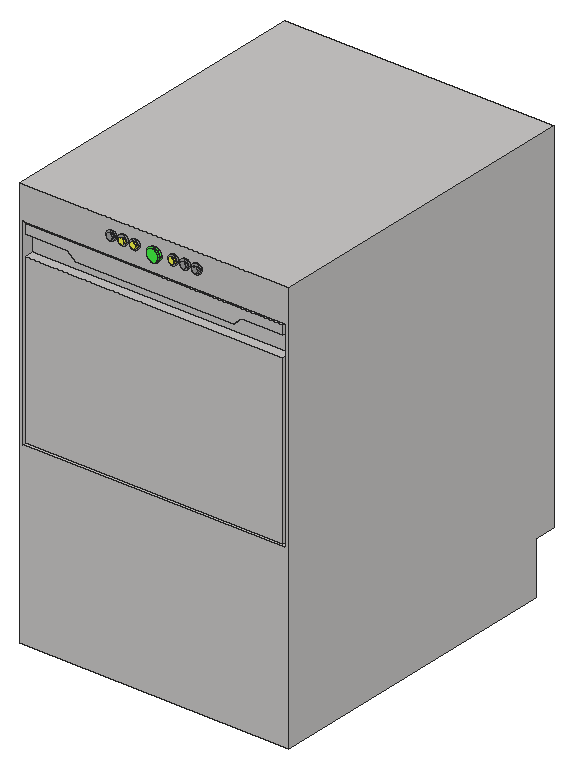
Revit family "QF_ELECTROLUXPROFESSIONAL_402222_ESICP3", category Specialty Equipment, Revit 2018
Family settings
  Round Connector Dimension = Use Diameter
  Part Type = Normal
  Work Plane-Based = No
  Always vertical = Yes
  Cut with Voids When Loaded = No
  Shared = No
  Room Calculation Point = No
Parameters
  Weight = 37.00 kg
  Watts = 0 W
  Volts = 0 V
  URL Manufacturer = ""
  URL = "http://professional.electrolux.com/"
  Steam Supply Size = 0 mm
  Steam Supply Minimum Pressure = 0.0 Pa
  Steam Supply Maximum Pressure = 0.0 Pa
  Steam Pounds per Hour = 0
  Show Logo [instance] = yes
  Show Clearance [instance] = yes
  Refrigeration Suction Line Size = 0 mm
  Refrigeration Liquid Line Size = 0 mm
  Refrigerant Compressor Remote = yes
  Manufacturer = ""
  Phase = 0
  Model = ""
  Length Actual = 460 mm  # constant formula
  Item Number = ""
  Hot Water Size = 0 mm
  Height Actual = 715 mm  # constant formula
  HP = "6.4 HP"
  Gas Size = 0 mm
  Gas KW = 0
  Gas Input Pressure = 0 W
  Direct Waste Size = 27 mm
  Description = ""
  Depth Actual = 565 mm  # constant formula
  Cycle = 0 Hz
  Condensate Return Size = 0 mm
  Compressed Air Volume = 0.0 L/s
  Compressed Air Size = 0 mm
  Compressed Air Pressure = 0.0 Pa
  Cold Water Size = 0 mm
  Accessory = yes
Types (2, lengths in mm): name | Volts | URL Manufacturer | URL | Manufacturer | Phase | Model | Item Number | Description | Cycle | Cold Water Size
  (no name) | 0 V | "" | "http://professional.electrolux.com/" | "" | 0 | "" | "" | "" | 0 Hz | 0
  Standard | 400 V | "http://professional.electrolux.com" | "http://professional.electrolux.com" | "Electrolux Professional" | 3 | "ESICP3" | "402222" | "GLASSWASHER(S) DOUBLE SKIN, COLD RINSE, DP, 30B/H,NO PLUG-400V/3N" | 50 Hz | 19.05
Reference planes
  plane 1 "Center (Front/Back)": y = 0
  plane 2: z = 0
  plane 3 "Center (Left/Right)": x = 0
  plane 4 "LEFT": x = -230
  plane 5 "RIGHT": x = 230
  plane 6 "FRONT": y = -282.5
  plane 7 "BACK": y = 282.5
  plane 8: x = -202.5
  plane 9: x = 202.5
  plane 10: z = 715
  plane 11: z = 10
Forms (mm)
  Extrusion 1, solid, material "QF_Finishes_Stainless Steel"
    sketch origin (0, 0, 0) x (1, 0, 0) y (0, 1, 0)
      loop
        line (-230, -282.5) -> (230, -282.5) -> (230, 243.5) -> (-230, 243.5) -> (-230, -282.5)
    from 10 to 715
  Extrusion 2, solid, material "QF_Finishes_Stainless Steel"
    sketch origin (0, 0, 0) x (1, 0, 0) y (0, 1, 0)
      loop
        line (-230, 243.5) -> (230, 243.5) -> (230, 282.5) -> (-230, 282.5) -> (-230, 243.5)
    from 100 to 715
  Extrusion 3, solid, material "QF_Finishes_Stainless Steel"
    sketch origin (0, 0, 0) x (1, 0, 0) y (0, 1, 0)
      loop
        circle (-202.5, 184.5) r 12.5
      loop
        circle (202.5, 184.5) r 12.5
      loop
        circle (-202.5, -235.5) r 12.5
      loop
        circle (202.5, -235.5) r 12.5
    from 0 to 10
  Extrusion 4, void
    sketch origin (-230, -282.5, 0) x (-1, 0, 0) y (0, 0, 1)
      loop
        line (-5, 658.217) -> (-455, 658.217) -> (-455, 315) -> (-5, 315) -> (-5, 658.217)
    from 0 to 30
  Extrusion 5, solid, material "QF_Finishes_Stainless Steel"
    sketch origin (-53, -392, 738) x (0, 0, -1) y (1, 0, 0)
      loop
        circle (693, 213) r 10
    from -635.5 to -674.5
  Extrusion 6, solid, material "QF_Door-Drawer Clearances", visible <- "Show Clearance", detail levels coarse
    sketch origin (-230, -282.5, 0) x (0, 1, 0) y (0, 0, -1)
      loop
        line (0, -315) -> (-315, -315)
        arc (-315, -315) -> (-223.2, -545.869) -> (0, -655) r 344.605
        line (0, -655) -> (0, -315)
    from -10 to -450
  Extrusion 7, solid, material "QF_Finishes_Stainless Steel"
    sketch origin (-242.481, -392, 738) x (0, 0, -1) y (1, 0, 0)
      loop
        circle (663, 322.481) r 8
    from -635.5 to -674.5
  Extrusion 8, solid, material "QF_Finishes_Green"
    sketch origin (234, -282.5, -28.75) x (-1, 0, 0) y (0, 0, -1)
      loop
        circle (234, -714.569) r 10
    from 0 to 5
  Extrusion 9, solid, material "QF_Finishes_Gray"
    sketch origin (234, -282.5, -24.375) x (-1, 0, 0) y (0, 0, -1)
      loop
        circle (306.936, -713.972) r 5
    from 0 to 5
  Extrusion 10, solid, material "QF_Finishes_Stainless Steel"
    sketch origin (-230, -282.5, 0) x (0, 1, 0) y (0, 0, -1)
      loop
        line (0, -319.622) -> (0, -605) -> (15, -605) -> (15, -655) -> (25, -655) -> (25, -319.622) -> (0, -319.622)
    from -10 to -450
  Extrusion 11, solid, material "QF_Finishes_Stainless Steel"
    sketch origin (-230, -282.5, 0) x (0, 1, 0) y (0, 0, -1)
      loop
        line (15, -655) -> (15, -652.514) -> (2.5, -652.514) -> (2.5, -626.25) -> (0, -626.25) -> (0, -655) -> (15, -655)
    from -10 to -450
  Extrusion 12, void
    sketch origin (-230, -282.5, 655) x (0, 0, 1) y (1, 0, 0)
      loop
        line (-15.552, 10) -> (-15.552, 81.607) -> (-28.75, 94.804) -> (-28.75, 10) -> (-15.552, 10)
      loop
        line (-15.552, 450) -> (-28.75, 450) -> (-28.75, 365.196) -> (-15.552, 378.393) -> (-15.552, 450)
    from 0 to 2.5
  Extrusion 13, solid, material "QF_Finishes_Stainless Steel"
    sketch origin (-328, -392, 738) x (0, 0, -1) y (1, 0, 0)
      loop
        circle (663, 228) r 8
    from -635.5 to -674.5
  Extrusion 14, solid, material "QF_Finishes_Green"
    sketch origin (-230, -282.5, 0) x (1, 0, 0) y (0, 0, 1)
      loop
        circle (230, 685.819) r 12
      loop
        circle (230, 685.819) r 10
    from 0 to 2.5
  Extrusion 15, solid, material "QF_Finishes_Gray"
    sketch origin (-210, -282.5, -28.75) x (1, 0, 0) y (0, 0, 1)
      loop
        circle (262.936, 718.347) r 8
      loop
        circle (262.936, 718.347) r 5
      loop
        circle (242.936, 718.347) r 8
      loop
        circle (242.936, 718.347) r 5
      loop
        circle (282.936, 718.347) r 8
      loop
        circle (282.936, 718.347) r 5
    from 0 to 2.5
  Extrusion 16, solid, material "QF_Finishes_Gray"
    sketch origin (-234, -282.5, -24.375) x (1, 0, 0) y (0, 0, 1)
      loop
        circle (286.936, 713.972) r 5
      loop
        circle (306.936, 713.972) r 5
    from 0 to 5
  Extrusion 17, solid, material "QF_Finishes_Gray"
    sketch origin (210, -282.5, -28.75) x (-1, 0, 0) y (0, 0, -1)
      loop
        circle (262.936, -718.347) r 8
      loop
        circle (262.936, -718.347) r 5
      loop
        circle (242.936, -718.347) r 8
      loop
        circle (242.936, -718.347) r 5
      loop
        circle (282.936, -718.347) r 8
      loop
        circle (282.936, -718.347) r 5
    from 0 to 2.5
  Extrusion 18, solid, material "QF_Finishes_Yellow"
    sketch origin (254, -282.5, -24.375) x (-1, 0, 0) y (0, 0, -1)
      loop
        circle (306.936, -713.972) r 5
    from 0 to 5
  Extrusion 19, solid, material "QF_Finishes_Yellow"
    sketch origin (274, -282.5, -24.375) x (-1, 0, 0) y (0, 0, -1)
      loop
        circle (306.936, -713.972) r 5
    from 0 to 5
  Extrusion 20, solid, material "QF_Finishes_Yellow"
    sketch origin (339.871, -282.5, -24.375) x (-1, 0, 0) y (0, 0, -1)
      loop
        circle (306.936, -713.972) r 5
    from 0 to 5
Cuts and joins
  Extrusion 4 cuts Extrusion 1
  joined: Extrusion 1, Extrusion 2
  Extrusion 12 cuts Extrusion 10
  Extrusion 12 cuts Extrusion 11
Lines and regions (mm)
  Split face 1
    outline origin (-230, -282.5, 715) x (0, 0, -1) y (1, 0, 0)
      loop
        line (35, 0) -> (35, 60) -> (49.142, 74.142) -> (49.142, 214.142) -> (11.456, 214.142)
        arc (11.456, 214.142) -> (9.82, 214.82) -> (9.142, 216.456) r 2.314
        line (9.142, 216.456) -> (9.142, 230) -> (9.142, 243.544)
        arc (9.142, 243.544) -> (9.82, 245.18) -> (11.456, 245.858) r 2.314
        line (11.456, 245.858) -> (49.142, 245.858) -> (49.142, 385.858) -> (35, 400) -> (35, 460)
      loop
        line (56.783, 5) -> (56.783, 0)
      loop
        line (56.783, 455) -> (56.783, 460)
  symbolic lines
    curve 1: line (-230, 282.5, 0) -> (230, 282.5, 0)
    curve 2: line (-230, -282.5, 0) -> (-230, 282.5, 0)
    curve 3: line (230, -282.5, 0) -> (-230, -282.5, 0)
    curve 4: line (230, 282.5, 0) -> (230, -282.5, 0)
    curve 9: line (-80.94, -285, 0) -> (-80.94, -282.5, 0)
    curve 10: line (-64.948, -285, 0) -> (-64.948, -282.5, 0)
    curve 11: line (-77.926, -287.5, 0) -> (-67.936, -287.5, 0)
    curve 12: line (-67.936, -287.5, 0) -> (-67.936, -285, 0)
    curve 13: line (-77.926, -287.5, 0) -> (-77.926, -285, 0)
    curve 14: line (-60.936, -285, 0) -> (-44.936, -285, 0)
    curve 15: line (-44.936, -285, 0) -> (-44.936, -282.5, 0)
    curve 16: line (-60.936, -285, 0) -> (-60.936, -282.5, 0)
    curve 17: line (-57.936, -287.5, 0) -> (-47.936, -287.5, 0)
    curve 18: line (-47.936, -287.5, 0) -> (-47.936, -285, 0)
    curve 19: line (-57.936, -287.5, 0) -> (-57.936, -285, 0)
    curve 20: line (-40.936, -285, 0) -> (-24.936, -285, 0)
    curve 21: line (-24.936, -285, 0) -> (-24.936, -282.5, 0)
    curve 22: line (-40.936, -285, 0) -> (-40.936, -282.5, 0)
    curve 23: line (-37.936, -287.5, 0) -> (-27.936, -287.5, 0)
    curve 24: line (-27.936, -287.5, 0) -> (-27.936, -285, 0)
    curve 25: line (-37.936, -287.5, 0) -> (-37.936, -285, 0)
    curve 26: line (24.936, -285, 0) -> (40.936, -285, 0)
    curve 27: line (40.936, -285, 0) -> (40.936, -282.5, 0)
    curve 28: line (27.936, -287.5, 0) -> (37.936, -287.5, 0)
    curve 29: line (37.936, -287.5, 0) -> (37.936, -285, 0)
    curve 30: line (27.936, -287.5, 0) -> (27.936, -285, 0)
    curve 31: line (24.936, -285, 0) -> (24.936, -282.5, 0)
    curve 32: line (-12, -285, 0) -> (12, -285, 0)
    curve 33: line (12, -285, 0) -> (12, -282.5, 0)
    curve 34: line (-12, -285, 0) -> (-12, -282.5, 0)
    curve 35: line (-10, -287.5, 0) -> (10, -287.5, 0)
    curve 36: line (10, -287.5, 0) -> (10, -285, 0)
    curve 37: line (-10, -287.5, 0) -> (-10, -285, 0)
    curve 39: line (44.936, -285, 0) -> (60.936, -285, 0)
    curve 40: line (60.936, -285, 0) -> (60.936, -282.5, 0)
    curve 41: line (47.936, -287.5, 0) -> (57.936, -287.5, 0)
    curve 42: line (57.936, -287.5, 0) -> (57.936, -285, 0)
    curve 43: line (47.936, -287.5, 0) -> (47.936, -285, 0)
    curve 44: line (44.936, -285, 0) -> (44.936, -282.5, 0)
    curve 45: line (64.936, -285, 0) -> (80.936, -285, 0)
    curve 46: line (80.936, -285, 0) -> (80.936, -282.5, 0)
    curve 47: line (67.936, -287.5, 0) -> (77.936, -287.5, 0)
    curve 48: line (77.936, -287.5, 0) -> (77.936, -285, 0)
    curve 49: line (67.936, -287.5, 0) -> (67.936, -285, 0)
    curve 50: line (64.936, -285, 0) -> (64.936, -282.5, 0)
  symbolic lines, style "QF_Door-Drawer Clearances"
    curve 5: line (-220, -597.5, 0) -> (220, -597.5, 0)
    curve 6: line (220, -597.5, 0) -> (220, -282.5, 0)
    curve 7: line (-220, -597.5, 0) -> (-220, -282.5, 0)
  symbolic lines, style "SpecialityEquipment"
    curve 8: line (-80.94, -285, 0) -> (-64.948, -285, 0)
  symbolic lines, style "SpecialityEquipmentHiddenLines"
    curve 38: line (-230, 243.5, 0) -> (230, 243.5, 0)
Dimensions and locks
  equal spacing: plane 4 "LEFT", plane 3 "Center (Left/Right)", plane 5 "RIGHT"
  equal spacing: plane 7 "BACK", plane 1 "Center (Front/Back)", plane 6 "FRONT"
  plane 7 "BACK" to plane 6 "FRONT" = 565 mm
  plane 4 "LEFT" to plane 5 "RIGHT" = 460 mm
  plane 4 "LEFT" to plane 8 = 27.5 mm
  plane 9 to plane 5 "RIGHT" = 27.5 mm
  locked: plane 11 to level at 10
  plane 4 "LEFT" to plane 3 "Center (Left/Right)" = 230 mm
  plane 10 to level = 715 mm  (x2)
  plane 8 to plane 9 = 405 mm
  level to Extrusion 13 sketch curve = 75 mm
  Extrusion 13 sketch curve to plane 4 "LEFT" = 130 mm
  level to Extrusion 5 sketch curve = 45 mm
  Extrusion 5 sketch curve to plane 4 "LEFT" = 390 mm
  Extrusion 7 sketch curve to plane 4 "LEFT" = 310 mm
  level to Extrusion 7 sketch curve = 75 mm
  locked: Extrusion 3 to cut or joined group of Extrusion 1, Extrusion 2, Extrusion 4 at 98
  Extrusion 3 to Extrusion 3 = 420 mm
  locked: plane 6 "FRONT" to Extrusion 3 at 47
  plane 9 to plane 8 = 405 mm
  plane 7 "BACK" to curve 5 = 880 mm
  cut or joined group of Extrusion 10, Extrusion 12 to cut or joined group of Extrusion 1, Extrusion 2, Extrusion 4 = 290 mm
  aligned and locked: level to plane 2
  aligned and locked: Extrusion 1 sketch curve to plane 6 "FRONT"
  aligned and locked: Extrusion 1 sketch curve to plane 4 "LEFT"
  aligned and locked: plane 5 "RIGHT" to Extrusion 1 sketch curve
  aligned and locked: Extrusion 1 to plane 11
  aligned and locked: Extrusion 2 sketch curve to Extrusion 1  (x2)
  aligned and locked: plane 7 "BACK" to Extrusion 2 sketch curve
  aligned and locked: plane 5 "RIGHT" to Extrusion 2 sketch curve
  aligned and locked: plane 11 to Extrusion 3
  aligned and locked: Extrusion 2 to Extrusion 5
  aligned and locked: Extrusion 2 to Extrusion 7
  aligned and locked: plane 7 "BACK" to Extrusion 7
  aligned and locked: plane 7 "BACK" to Extrusion 5
  aligned and locked: cut or joined group of Extrusion 11, Extrusion 12 to Extrusion 12
  aligned and locked: plane 10 to Extrusion 2
Automatic sketch dimensions
  curve 1 to plane 4 "LEFT" = 0 mm
  curve 7 to plane 6 "FRONT" = 0 mm
  curve 4 to plane 5 "RIGHT" = 0 mm
  curve 2 to plane 7 "BACK" = 0 mm
  plane 4 "LEFT" to curve 5 = 10 mm
  curve 8 to plane 6 "FRONT" = 2.5 mm
  curve 8 to plane 3 "Center (Left/Right)" = 80.94 mm
  curve 8 to curve 11 = 3.013 mm
  curve 11 to curve 11 = 9.991 mm
  curve 12 to curve 10 = 2.987 mm
  curve 8 to curve 16 = 4.013 mm
  curve 14 to curve 19 = 3 mm
  curve 17 to plane 6 "FRONT" = 5 mm
  curve 17 to curve 17 = 10 mm
  curve 18 to curve 14 = 3 mm
  curve 14 to curve 20 = 4 mm
  curve 20 to curve 25 = 3 mm
  curve 24 to plane 6 "FRONT" = 5 mm
  curve 23 to curve 24 = 10 mm
  curve 24 to curve 21 = 3 mm
  curve 34 to plane 6 "FRONT" = 2.5 mm
  curve 34 to plane 3 "Center (Left/Right)" = 12 mm
  curve 32 to curve 37 = 2 mm
  plane 3 "Center (Left/Right)" to curve 36 = 10 mm
  curve 36 to curve 33 = 2 mm
  curve 26 to plane 6 "FRONT" = 2.5 mm
  curve 32 to curve 26 = 12.936 mm
  curve 26 to curve 30 = 3 mm
  curve 28 to plane 6 "FRONT" = 5 mm
  curve 28 to curve 28 = 10 mm
  curve 29 to curve 27 = 3 mm
  curve 26 to curve 44 = 4 mm
  curve 39 to curve 43 = 3 mm
  curve 41 to plane 6 "FRONT" = 5 mm
  curve 41 to curve 41 = 10 mm
  curve 42 to curve 39 = 3 mm
  curve 39 to curve 50 = 4 mm
  curve 45 to curve 47 = 3 mm
  curve 47 to plane 6 "FRONT" = 5 mm
  curve 47 to curve 47 = 10 mm
  curve 48 to curve 45 = 3 mm
  curve 6 to plane 5 "RIGHT" = 10 mm
  curve 35 to curve 36 = 2.5 mm
  curve 11 to curve 13 = 2.5 mm
  curve 15 to plane 6 "FRONT" = 2.5 mm
  curve 20 to plane 6 "FRONT" = 2.5 mm
  curve 40 to plane 6 "FRONT" = 2.5 mm
  curve 45 to plane 6 "FRONT" = 2.5 mm
  curve 38 to plane 7 "BACK" = 39 mm
  Extrusion 1 sketch curve to plane 7 "BACK" = 39 mm
  Extrusion 3 sketch curve to plane 8 = 0 mm  (x2)
  Extrusion 3 sketch curve to plane 9 = 0 mm  (x2)
  plane 6 "FRONT" to Extrusion 3 sketch curve = 47 mm  (x2)
  Extrusion 3 sketch curve to plane 7 "BACK" = 98 mm  (x2)
  Extrusion 4 sketch curve to Extrusion 1 = 5 mm  (x2)
  Extrusion 4 sketch curve to Extrusion 1 = 305 mm
  Extrusion 4 sketch curve to Extrusion 1 = 56.783 mm
  Extrusion 6 sketch curve to plane 6 "FRONT" = 0 mm
  Extrusion 6 sketch curve to plane 6 "FRONT" = 315 mm
  plane 6 "FRONT" to Extrusion 6 sketch curve = 29.589 mm
  Extrusion 6 sketch curve to plane 10 = 60 mm
  plane 11 to Extrusion 6 sketch curve = 305 mm
  Extrusion 8 sketch curve to Extrusion 8 sketch curve = 0 mm  (x2)
  Extrusion 8 sketch curve to plane 3 "Center (Left/Right)" = 0 mm
  Extrusion 8 sketch curve to plane 10 = 29.181 mm
  plane 3 "Center (Left/Right)" to Extrusion 8 sketch curve = 10 mm
  Extrusion 9 sketch curve to Extrusion 9 sketch curve = 0 mm  (x2)
  Extrusion 9 sketch curve to plane 10 = 25.403 mm
  Extrusion 9 sketch curve to plane 3 "Center (Left/Right)" = 72.936 mm
  Extrusion 9 sketch curve to Extrusion 9 sketch curve = 5 mm
  Extrusion 10 sketch curve to plane 6 "FRONT" = 0 mm
  plane 6 "FRONT" to Extrusion 10 sketch curve = 15 mm
  Extrusion 10 sketch curve to Extrusion 10 sketch curve = 25 mm
  Extrusion 10 sketch curve to plane 10 = 60 mm
  Extrusion 10 sketch curve to Extrusion 10 sketch curve = 50 mm
  Extrusion 10 sketch curve to Extrusion 10 sketch curve = 285.378 mm
  Extrusion 11 sketch curve to plane 6 "FRONT" = 0 mm
  Extrusion 11 sketch curve to Extrusion 11 sketch curve = 2.5 mm
  Extrusion 11 sketch curve to Extrusion 11 sketch curve = 12.5 mm
  Extrusion 11 sketch curve to plane 10 = 60 mm
  Extrusion 11 sketch curve to Extrusion 11 sketch curve = 2.486 mm
  Extrusion 11 sketch curve to Extrusion 11 sketch curve = 26.264 mm
  Extrusion 12 sketch curve to Extrusion 11 = 0 mm  (x3)
  Extrusion 11 to Extrusion 12 sketch curve = 0 mm
  Extrusion 12 sketch curve to Extrusion 11 = 13.198 mm  (x2)
  Extrusion 12 sketch curve to Extrusion 11 = 71.607 mm
  Extrusion 12 sketch curve to Extrusion 12 sketch curve = 13.198 mm  (x2)
  Extrusion 12 sketch curve to Extrusion 11 = 84.804 mm
  Extrusion 14 sketch curve to Extrusion 14 sketch curve = 0 mm  (x2)
  Extrusion 1 to Extrusion 14 sketch curve = 29.181 mm
  Extrusion 1 to Extrusion 14 sketch curve = 230 mm
  Extrusion 15 sketch curve to Extrusion 15 sketch curve = 0 mm  (x8)
  plane 3 "Center (Left/Right)" to Extrusion 15 sketch curve = 32.936 mm
  Extrusion 15 sketch curve to Extrusion 15 sketch curve = 20 mm  (x2)
  Extrusion 15 sketch curve to plane 10 = 25.403 mm
  Extrusion 16 sketch curve to Extrusion 16 sketch curve = 0 mm  (x5)
  Extrusion 16 sketch curve to plane 10 = 25.403 mm
  plane 3 "Center (Left/Right)" to Extrusion 16 sketch curve = 52.936 mm
  Extrusion 16 sketch curve to Extrusion 16 sketch curve = 20 mm
  Extrusion 16 sketch curve to Extrusion 16 sketch curve = 5 mm  (x2)
  Split face 1 sketch curve to cut or joined group of Extrusion 1, Extrusion 2, Extrusion 4 = 0 mm  (x6)
  cut or joined group of Extrusion 1, Extrusion 2, Extrusion 4 to Split face 1 sketch curve = 0 mm  (x2)
  cut or joined group of Extrusion 1, Extrusion 2, Extrusion 4 to Split face 1 sketch curve = 7.641 mm  (x2)
  Split face 1 sketch curve to Split face 1 sketch curve = 14.142 mm  (x4)
  Split face 1 sketch curve to cut or joined group of Extrusion 1, Extrusion 2, Extrusion 4 = 11.456 mm  (x2)
  Split face 1 sketch curve to cut or joined group of Extrusion 1, Extrusion 2, Extrusion 4 = 9.142 mm
  Split face 1 sketch curve to cut or joined group of Extrusion 1, Extrusion 2, Extrusion 4 = 55 mm
  Split face 1 sketch curve to Split face 1 sketch curve = 140 mm
  Split face 1 sketch curve to Split face 1 sketch curve = 13.544 mm  (x2)
  Split face 1 sketch curve to cut or joined group of Extrusion 1, Extrusion 2, Extrusion 4 = 69.142 mm
  Extrusion 17 sketch curve to Extrusion 17 sketch curve = 0 mm  (x8)
  Extrusion 17 sketch curve to plane 3 "Center (Left/Right)" = 32.936 mm
  Extrusion 17 sketch curve to Extrusion 17 sketch curve = 20 mm  (x2)
  Extrusion 17 sketch curve to plane 10 = 25.403 mm
  Extrusion 18 sketch curve to Extrusion 18 sketch curve = 0 mm  (x2)
  Extrusion 18 sketch curve to plane 10 = 25.403 mm
  Extrusion 18 sketch curve to plane 3 "Center (Left/Right)" = 52.936 mm
  Extrusion 18 sketch curve to Extrusion 18 sketch curve = 5 mm
  Extrusion 19 sketch curve to Extrusion 19 sketch curve = 0 mm  (x2)
  Extrusion 19 sketch curve to plane 3 "Center (Left/Right)" = 32.936 mm
  Extrusion 19 sketch curve to plane 10 = 25.403 mm
  Extrusion 19 sketch curve to Extrusion 19 sketch curve = 5 mm
  Extrusion 20 sketch curve to Extrusion 20 sketch curve = 0 mm  (x2)
  plane 3 "Center (Left/Right)" to Extrusion 20 sketch curve = 32.936 mm
  Extrusion 20 sketch curve to plane 10 = 25.403 mm
  Extrusion 20 sketch curve to Extrusion 20 sketch curve = 5 mm
  radius of Extrusion 5 sketch curve = 10 mm
  radius of Extrusion 7 sketch curve = 8 mm
  radius of Extrusion 13 sketch curve = 8 mm
  radius of Extrusion 3 sketch curve = 12.5 mm  (x4)
  radius of Extrusion 14 sketch curve = 12 mm
  radius of Extrusion 14 sketch curve = 10 mm
  radius of Extrusion 15 sketch curve = 8 mm  (x3)
  radius of Extrusion 15 sketch curve = 5 mm  (x3)
  radius of Extrusion 17 sketch curve = 8 mm  (x3)
  radius of Extrusion 17 sketch curve = 5 mm  (x3)
Connectors
  piping at (160, 282.5, 45), diameter 20
    settings: on Extrusion 5, index 1, connector inside diameter 609.6 mm, connector length 0 mm, flow factor 0, pipe flow 0.0 L/s, pressure drop 0.0 Pa, fitting loss kfactor 0, connector angle 0.00°, fixture units 0, engagement length 0 mm, angle of deflection 0.00°, flow configuration 1, flow direction 1, fitting loss method 0, system type 16, joint type 0, gender type 0, connector reference index -1, connector utility 0, adjustable connector no, is connector primary yes, connector description "Drain"
  piping at (80, 282.5, 75), driven by "Cold Water Size"
    settings: on Extrusion 7, index 3, connector diameter 0 mm, connector inside diameter 609.6 mm, connector length 0 mm, flow factor 0, pipe flow 0.0 L/s, pressure drop 0.0 Pa, fitting loss kfactor 0, connector angle 0.00°, fixture units 0, engagement length 0 mm, angle of deflection 0.00°, flow configuration 1, flow direction 1, fitting loss method 0, system type 20, joint type 0, gender type 0, connector reference index -1, connector utility 0, adjustable connector no, is connector primary no, connector description "Cold Water Inlet"
  electrical at (-100, 282.5, 75), driven by "Volts"
    settings: on Extrusion 13, index 4, voltage 0 V, apparent load 0 VA, apparent load phase1 0 VA, apparent load phase2 0 VA, apparent load phase3 0 VA, power factor 1, load classification "Altro", number of poles 1, system type 31, power factor state 1, is connector primary yes, connector utility no, sub classification motor no, connector description "Electrical Connection"
